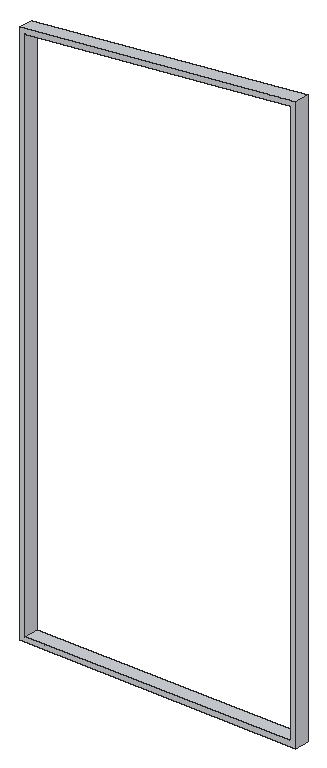
Revit family
Parameters
  창 두께 = 150 mm
  Height = 6090 mm
  절반 창 두께 = 창 두께 / 2  # 75 mm
  기본 씰 높이 = 3900 mm
  Wall Closure = (empty or 0)
  Width = 2900 mm
Reference planes
  plane 1: y = 0
  plane 2 "중심(왼쪽/오른쪽)": x = 0
  plane 3 "왼쪽": x = -1450
  plane 4 "오른쪽": x = 1450
  plane 5 "씰": z = 3900
  plane 6 "헤드": z = 9990
  plane 7 "외부": y = 100
  plane 8 "내부": y = -100
  plane 9: z = 4500
  plane 10: z = 5100
  plane 11: z = 5700
  plane 12: z = 6300
  plane 13: z = 6900
  plane 14: z = 7500
  plane 15: z = 8100
  plane 16: z = 8700
  plane 17: z = 9300
  plane 18: z = 3950
  plane 19: x = -1400
  plane 20: x = 1400
  plane 21: z = 9670
  plane 22: x = 483.333
  plane 23: x = -483.333
  plane 24: y = 75
  plane 25: y = -75
Forms (mm)
  Sweep 1, solid
    path origin (-3700, 75, 1000) x (-1, 0, 0) y (0, 0, 1)
      loop
        line (-5150, 2900) -> (-2250, 2900) -> (-2250, 8670) -> (-5150, 8990) -> (-5150, 2900)
    profile origin (1450, 75, 6945) x (1, 0, 0) y (0, 1, 0)
      loop
        line (0, 0) -> (-50, 0) -> (-50, -150) -> (0, -150) -> (0, 0)
Lines and regions (mm)
  Opening 1
    outline origin (3500, -100, 0) x (1, 0, 0) y (0, 0, 1)
      loop
        line (-2050, 3900) -> (-2050, 9990) -> (-4950, 9670) -> (-4950, 3900) -> (-2050, 3900)
Text (mm)
  text "외부" at (-1963.203, 1332.353, 0), in view "참조 레벨"
  text "내부" at (-1981.466, -818.386, 0), in view "참조 레벨"
  text "외부" at (0, 923.751, 2943.296), in view "오른쪽"
  text "외부" at (0, 1040.484, 2685.409), in view "왼쪽"
Dimensions and locks
  equal spacing: plane 3 "왼쪽", plane 2 "중심(왼쪽/오른쪽)", plane 4 "오른쪽"
  "Width": plane 3 "왼쪽" to plane 4 "오른쪽"
  "Height": plane 5 "씰" to plane 6 "헤드"
  "기본 씰 높이": plane 5 "씰" to level
  locked: plane 7 "외부" to host wall at 0
  locked: plane 8 "내부" to host wall
  plane 17 to plane 21 = 370 mm
  plane 21 to plane 6 "헤드" = 320 mm
  equal spacing: plane 3 "왼쪽", plane 23, plane 22, plane 4 "오른쪽"
  "절반 창 두께": plane 24 to host wall
  "절반 창 두께": plane 25 to host wall
Automatic sketch dimensions
  Opening 1 sketch curve to plane 3 "왼쪽" = 0 mm
  Opening 1 sketch curve to plane 4 "오른쪽" = 0 mm
  Opening 1 sketch curve to plane 5 "씰" = 0 mm
  Opening 1 sketch curve to plane 21 = 0 mm
  Opening 1 sketch curve to plane 6 "헤드" = 0 mm
  Sweep 1 sketch curve to plane 5 "씰" = 0 mm
  Sweep 1 sketch curve to plane 6 "헤드" = 0 mm
  Sweep 1 sketch curve to plane 21 = 0 mm
  Sweep 1 sketch curve to plane 4 "오른쪽" = 0 mm
  Sweep 1 sketch curve to plane 3 "왼쪽" = 0 mm
  Sweep 1 sketch curve to plane 24 = 0 mm
  Sweep 1 sketch curve to profile plane = 0 mm
  profile plane to Sweep 1 sketch curve = 50 mm
  Sweep 1 sketch curve to plane 24 = 150 mm
